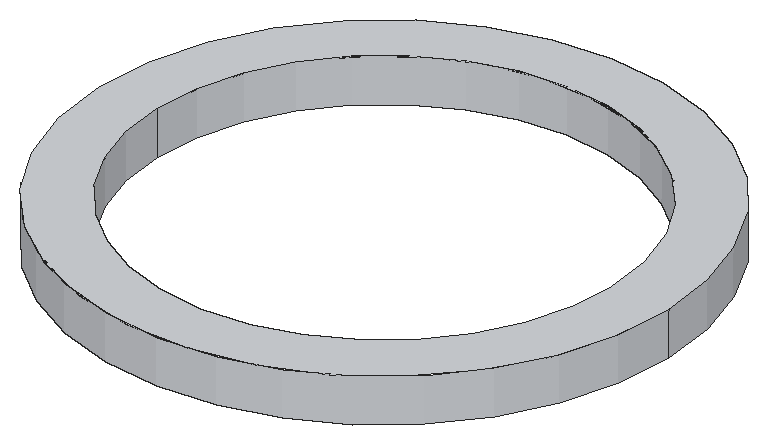
Revit family "LR7", category Generic Models, Revit 2017
Family settings
  Can host rebar = No
  Round Connector Dimension = Use Diameter
  Part Type = Normal
  Work Plane-Based = Yes
  Always vertical = No
  Cut with Voids When Loaded = No
  Shared = No
  Room Calculation Point = No
Parameters (values of type "NBS Standard Parameters")
  Weight = "0.0548"
  WarrantyStartDate [instance] = "1900-12-31T23:59:59"
  WarrantyGuarantorParts = "n/a"
  WarrantyGuarantorLabor = "n/a"
  WarrantyDurationUnit = "1 year"
  WarrantyDurationParts = "n/a"
  WarrantyDurationLabor = "n/a"
  WarrantyDescription = "n/a"
  Version = "1"
  Uniclass2 = "Pr_65_70_11_20"
  TagNumber [instance] = "n/a"
  SustainabilityPerformance = "n/a"
  Size = "2.5\""
  Shape = "Circular"
  SerialNumber [instance] = "n/a"
  Revision = "n/a"
  ReplacementCost = "n/a"
  ProductInformation = "www.metpro.co.uk/pdf/lr7.pdf"
  NominalWidth = 75 mm
  NominalLength = 75 mm
  NominalHeight = 5.8 mm
  Name = ""
  NBSTypeID = ""
  NBSReference = "90-55-10/460"
  NBSOfficeMasterTag = ""
  NBSNote = ""
  NBSDescription = "Conduit Fittings"
  NBSCertification = ""
  ModelReference = "LR7"
  ModelNumber = "n/a"
  Material = "Brass"
  ManufacturerURL = "www.metpro.co.uk"
  ManufacturerName = "Metpro Ltd"
  InstallationDate [instance] = "1900-12-31T23:59:59"
  IfcExportType = ""
  IfcExportAs = ""
  Grade = "n/a"
  Finish = "Self Colour"
  Features = "n/a"
  ExpectedLife = "n/a"
  DurationUnit = "year"
  Description = "LR7 - 2\" Milled Edge Lockring"
  Default Elevation = 1219.2 mm
  Constituents = "n/a"
  Color = "n/a"
  CodePerformance = "n/a"
  Category = "n/a"
  BarCode [instance] = "n/a"
  BIMObjectName = "Metpro_metprolibrary_conduitfittings_metalcomponents_brassaccessories"
  Author = "Metpro Ltd"
  AssetType = ""
  AssetIdentifier [instance] = "n/a"
  AccessibilityPerformance = "n/a"
Reference planes
  plane 1 "Center (Front/Back)": y = 0
  plane 2: z = 0
  plane 3 "Center (Left/Right)": x = 0
Forms (mm)
  Extrusion 1, solid
    sketch origin (0, 0, 0) x (1, 0, 0) y (0, 1, 0)
      loop
        circle (0, 0) r 37.5
      loop
        circle (0, 0) r 30
    from 0 to 5.75
Dimensions and locks
  aligned and locked: level to plane 2
